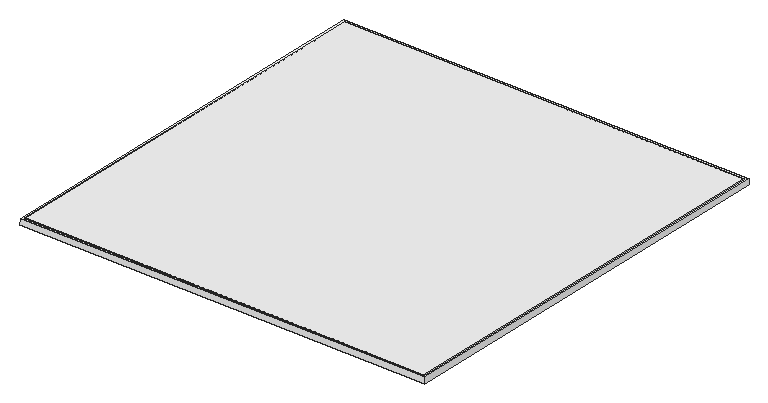
Revit family "NBS_INTRAMattingSystems_EntMatt_INTRAform-DMLowProfile", category Generic Models, host Face, Revit 2013
Parameters (values of type "INTRAform-DMLowProfile")
  Width [instance] = 1000 mm
  Weight = "12kg/m²."
  WarrantyStartDate [instance] = "1900-12-31T23:59:59"
  WarrantyGuarantorParts = "n/a"
  WarrantyGuarantorLabor = "n/a"
  WarrantyDurationUnit = "n/a"
  WarrantyDurationParts = "n/a"
  WarrantyDurationLabor = "n/a"
  WarrantyDescription = "10 Performance Guarantee, subject to correct cleaning and maintenance procedures being carried out"
  Version = "1"
  Uniclass2 = "45-57-11/426"
  TrafficType = "Heavy / Extreme"
  TotalThickness = 12 mm
  TemperatureResistance = "Aluminium resistance: -50°C to +90°C."
  TagNumber [instance] = "n/a"
  SustainabilityPerformance = "Produced in the UK using 100% recycled aluminium and fully recylable inserts"
  SurfaceSpreadOfFlame = "n/a"
  SurfaceInsertOptions = "Polyamide fibre, Polypropylene fibre."
  SpacerMaterial = NBS_Concept
  Size = "n/a"
  Shape = "Rectangular"
  SerialNumber [instance] = "n/a"
  Revision = "n/a"
  ReplacementCost = "n/a"
  Reference = "n/a"
  Radius = "N/A"
  ProductInformation = "www.intramatting.com/downloads/IntraFORM_Low_Profile_Online_Brochure.pdf"
  Pattern = "n/a"
  NominalWidth = 0 mm
  NominalLength = 0 mm
  NominalHeight = 12 mm
  Name = "EntranceMatting_INTRAform-DMLowProfile"
  NBSTypeID = "n/a"
  NBSReference = "45-35-35/420"
  NBSOfficeMasterTag = "n/a"
  NBSNote = "n/a"
  NBSDescription = "Entrance matting"
  NBSCertification = "www.nationalbimlibrary.com/intramatting-systems/intraform-dm-low-profile"
  ModuleWidth = "66.4mm"
  ModelReference = "INTRAform DM Low Profile"
  ModelNumber = "n/a"
  MatwellFramingType = NBS_INTRAMattingSystems_EntranceMatting_Frame : 14mm
  MatwellFrameFinish = "Clear anodized as standard. Anodized finish in any RAL colour available to special order."
  MattingHeight = "11.5mm"
  Material = "n/a"
  ManufacturerURL = "www.intramatting.com"
  ManufacturerName = "INTRAmatting Systems"
  Manufacturer = "info@intramatting.com"
  LinkingJoints = "n/a"
  Length [instance] = 1000 mm
  IntegralAccessories = "Polypropylene ribbed fibre (colour)/ polyamide fibre (colour) / ribbed rubber/ brush – or combination of inserts."
  InstallationDate [instance] = "1900-12-31T23:59:59"
  InsertColourOptions = "Elite polyamide - 608 Black, 607 Anthracite, 606 Grey, 602 Blue, 605 Brown, 609 Purple, 610 Turquoise, 604 Coco, 601 Red. Premier polyamide - 007 Anthracite, 014 Grey. Polypropylene - 443 Anthracite, 451 Grey."
  IfcExportType = "FLOORING"
  IfcExportAs = "IfcCoveringType"
  HasNonSkidSurface = yes
  HasAntiStaticSurface = no
  Grade = "n/a"
  FragilityRating = "n/a"
  FlammabilityRating = "n/a"
  FireRating = "n/a"
  Finish = "n/a"
  Features = "n/a"
  ExpectedLife = "10-15 years"
  EnvironmentalProductDeclaration = "100% Recycled aluminium"
  EntranceMattingMaterial = NBS_INTRAMattingSystems_EntranceMatting_INTRAform-DMLowProfile
  EdgeTrimMaterial = NBS_Concept
  DurationUnit = "year"
  Description = "Heavy duty 12mm aluminium matting system."
  Depth = 14 mm  # constant formula
  Default Elevation = 0 mm
  Construction = "Closed"
  Constituents = "Aluminium plank system with choice of polyamide or polypropylene inserts."
  Combustible = yes
  Color = "n/a"
  CodePerformance = "n/a"
  Category = "n/a"
  BaseMaterial = "Aluminium"
  BaseColour = "Anodised to any RAL colour"
  BarCode [instance] = "n/a"
  BIMObjectName = "NBS_INTRAMattingSystems_EntranceMatting_INTRAform-DMLowProfile"
  Author = "NBS"
  AssetType = "Fixed"
  AssetIdentifier [instance] = "n/a"
  Arrangement = "Interior inset or surface mounted."
  AcousticRating = "n/a"
  AccessibilityPerformance = "n/a"
Types (2, lengths in mm): name | TotalThickness | NominalHeight | Manufacturer | HasAntiStaticSurface | Description
  (no name) | 0 | 0 | 0 | yes | 0
  INTRAform-DMLowProfile | 12 | 12 | "info@intramatting.com" | no | "Heavy duty 12mm aluminium matting system."
Values of the unnamed type that differ from the named types
  Weight = ""
  WarrantyStartDate = ""
  WarrantyGuarantorParts = ""
  WarrantyGuarantorLabor = ""
  WarrantyDurationUnit = ""
  WarrantyDurationParts = ""
  WarrantyDurationLabor = ""
  WarrantyDescription = ""
  Version = ""
  Uniclass2 = ""
  TrafficType = ""
  TemperatureResistance = ""
  TagNumber = ""
  SustainabilityPerformance = ""
  SurfaceSpreadOfFlame = ""
  SurfaceInsertOptions = ""
  Size = ""
  Shape = ""
  SerialNumber = ""
  Revision = ""
  ReplacementCost = ""
  Reference = ""
  Radius = ""
  ProductInformation = ""
  Pattern = ""
  Name = ""
  NBSTypeID = ""
  NBSReference = ""
  NBSOfficeMasterTag = ""
  NBSNote = ""
  NBSDescription = ""
  NBSCertification = ""
  ModuleWidth = ""
  ModelReference = ""
  ModelNumber = ""
  MatwellFrameFinish = ""
  MattingHeight = ""
  Material = ""
  ManufacturerURL = ""
  ManufacturerName = ""
  LinkingJoints = ""
  IntegralAccessories = ""
  InstallationDate = ""
  InsertColourOptions = ""
  IfcExportType = ""
  IfcExportAs = ""
  Grade = ""
  FragilityRating = ""
  FlammabilityRating = ""
  FireRating = ""
  Finish = ""
  Features = ""
  ExpectedLife = ""
  EnvironmentalProductDeclaration = ""
  DurationUnit = ""
  Construction = ""
  Constituents = ""
  Color = ""
  CodePerformance = ""
  Category = ""
  BaseMaterial = ""
  BaseColour = ""
  BarCode = ""
  BIMObjectName = ""
  Author = ""
  AssetType = ""
  AssetIdentifier = ""
  Arrangement = ""
  AcousticRating = ""
  AccessibilityPerformance = ""
Reference planes
  plane 1 "Center (Front/Back)": y = 0
  plane 2: z = 0
  plane 3 "Center (Left/Right)": x = 0
  plane 4: x = -500
  plane 5: x = 500
  plane 6: y = 500
  plane 7: y = -500
  plane 8: z = -14
  plane 9: x = -494
  plane 10: x = 494
  plane 11: y = -494
  plane 12: y = 494
  plane 13: z = -11.5
  plane 14: z = 1
Forms (mm)
  Extrusion 1, void
    sketch origin (0, 0, 0) x (1, 0, 0) y (0, 1, 0)
      loop
        line (-500, 500) -> (-500, -500) -> (500, -500) -> (500, 500) -> (-500, 500)
    from -14 to 0
  Extrusion 2, solid, material "NBS_INTRAMattingSystems_EntranceMatting_INTRAform-DMLowProfile" <- "EntranceMattingMaterial"
    sketch origin (0, 0, 0) x (1, 0, 0) y (0, 1, 0)
      loop
        line (-494, 494) -> (-494, -494) -> (494, -494) -> (494, 494) -> (-494, 494)
    from -11.5 to 1
Dimensions and locks
  equal spacing: plane 6, plane 1 "Center (Front/Back)", plane 7
  equal spacing: plane 4, plane 3 "Center (Left/Right)", plane 5
  "Length": plane 4 to plane 5
  "Width": plane 6 to plane 7
  "Depth": plane 2 to plane 8
  locked: plane 11 to plane 7 at 6
  locked: plane 6 to plane 12 at 6
  locked: plane 4 to plane 9 at 6
  locked: plane 10 to plane 5 at 6
  locked: plane 13 to plane 8 at 2.5
  locked: plane 14 to plane 2 at 1
  aligned and locked: plane 2 to host face
  aligned and locked: level to host face
  aligned and locked: Extrusion 1 sketch curve to plane 6
  aligned and locked: plane 4 to Extrusion 1 sketch curve
  aligned and locked: plane 7 to Extrusion 1 sketch curve
  aligned and locked: Extrusion 1 sketch curve to plane 5
  aligned and locked: plane 2 to Extrusion 1
  aligned and locked: Extrusion 1 to plane 8
  aligned and locked: plane 3 "Center (Left/Right)" to nested 1
  aligned and locked: plane 1 "Center (Front/Back)" to nested 1
  aligned and locked: nested 1 to plane 8
  aligned and locked: Extrusion 2 sketch curve to plane 12
  aligned and locked: plane 9 to Extrusion 2 sketch curve
  aligned and locked: plane 11 to Extrusion 2 sketch curve
  aligned and locked: Extrusion 2 sketch curve to plane 10
  aligned and locked: Extrusion 2 to plane 13
  aligned and locked: plane 14 to Extrusion 2
Automatic sketch dimensions
  host sketch curve to host sketch curve = 2438.4 mm  (x2)
Nested families
  nested 1: "NBS_INTRAMattingSystems_EntranceMatting_Frame" at (0, 0, 0), type <- "MatwellFramingType", Width <- "Width", Length <- "Length", SpacerMaterial <- "SpacerMaterial", EdgeTrimMaterial <- "EdgeTrimMaterial", type "14mm"
    with Width 1000 mm, SpacerMaterial NBS_Concept, Length 1000 mm, EdgeTrimMaterial NBS_Concept
Definition of nested family "NBS_INTRAMattingSystems_EntranceMatting_Frame"
  Parameters (values of type "14mm")
    Width [instance] = 1000 mm
    SpacerMaterial [instance] = NBS_Concept
    Length [instance] = 1000 mm
    EdgeTrimMaterial [instance] = NBS_Concept
    Depth = 14 mm
  Types (3, lengths in mm): name | Depth
    (no name) | 14
    14mm | 14
    19mm | 19
  Reference planes
    plane 1 "Center (Front/Back)": y = 0
    plane 2: z = 0
    plane 3 "Center (Left/Right)": x = 0
    plane 4: y = 500
    plane 5: x = -500
    plane 6: x = 500
    plane 7: y = -500
    plane 8: x = -494
    plane 9: x = 494
    plane 10: y = -494
    plane 11: y = 494
    plane 12: y = 475
    plane 13: y = -475
    plane 14: x = -475
    plane 15: x = 475
    plane 16: z = -11.5
    plane 17: z = -14
  Forms (mm)
    Sweep 1, solid, material "NBS_Concept" <- "EdgeTrimMaterial"
      path origin (0, 0, 0) x (1, 0, 0) y (0, 1, 0)
        loop
          line (-500, -500) -> (500, -500) -> (500, 500) -> (-500, 500) -> (-500, -500)
      profile origin (0, -500, 0) x (0, 1, 0) y (0, 0, 1)
        loop
          line (6, 0) -> (0, 0) -> (0, -14) -> (25, -14) -> (25, -11.5) -> (6, -11.5) -> (6, 0)
    Extrusion 2, solid, material "NBS_Concept" <- "SpacerMaterial"
      sketch origin (0, 0, 0) x (1, 0, 0) y (0, 1, 0)
        loop
          line (-475, 475) -> (-475, -475) -> (475, -475) -> (475, 475) -> (-475, 475)
      from -14 to -11.5
  Dimensions and locks
    equal spacing: plane 5, plane 3 "Center (Left/Right)", plane 6
    equal spacing: plane 4, plane 1 "Center (Front/Back)", plane 7
    plane 12 to plane 11 to plane 4 = 19 mm locked, 6 mm locked
    plane 13 to plane 10 to plane 7 = 19 mm locked, 6 mm locked
    plane 15 to plane 9 to plane 6 = 19 mm locked, 6 mm locked
    plane 5 to plane 8 to plane 14 = 6 mm locked, 19 mm locked
    "Length": plane 5 to plane 6
    "Width": plane 4 to plane 7
    locked: plane 16 to plane 17 at 2.5
    "Depth": plane 2 to plane 17
    aligned and locked: level to plane 2
    aligned and locked: plane 4 to Sweep 1 sketch curve
    aligned and locked: Sweep 1 sketch curve to plane 5
    aligned and locked: plane 6 to Sweep 1 sketch curve
    aligned and locked: Sweep 1 sketch curve to plane 7
    aligned and locked: profile plane to Sweep 1 sketch curve  (x2)
    aligned and locked: Sweep 1 sketch curve to plane 10
    aligned and locked: Sweep 1 sketch curve to plane 13
    aligned and locked: plane 16 to Sweep 1 sketch curve
    aligned and locked: Sweep 1 sketch curve to plane 17
    aligned and locked: plane 12 to Extrusion 2 sketch curve
    aligned and locked: Extrusion 2 sketch curve to plane 15
    aligned and locked: Extrusion 2 sketch curve to plane 13
    aligned and locked: plane 14 to Extrusion 2 sketch curve
    aligned and locked: plane 16 to Extrusion 2
    aligned and locked: Extrusion 2 to plane 17
